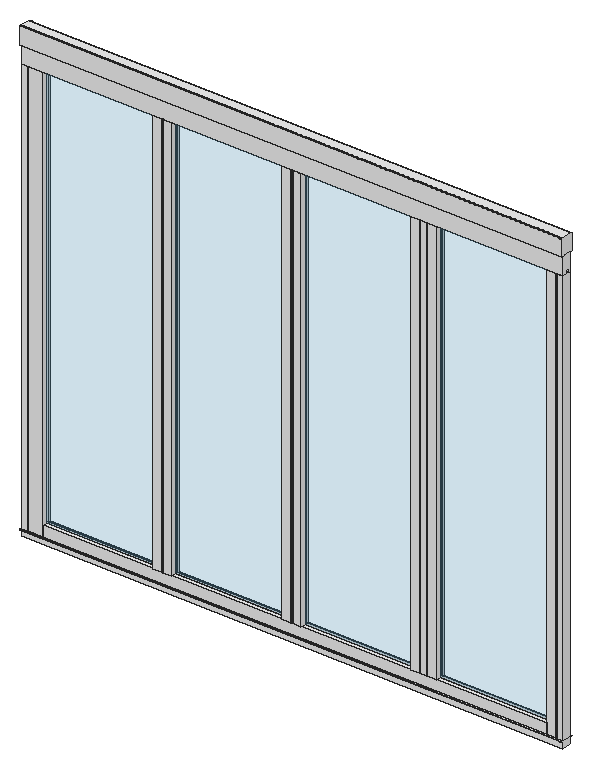
Revit family "Window-NanaWall-HSW-60", category Windows, host Wall, Revit 2013
Parameters (values of type "Standard")
  Y N Override Stack [instance] = no
  Y N Override Number of Panels [instance] = no
  Warranty URL = "http://www.nanawall.com/support/warranty"
  URL = "http://www.nanawall.com/"
  U Value = 0.26
  Thickness = 0' - 2 21/64"
  Subcategory = "Folding Window"  # constant formula
  Stack Thickness [instance] = 0' 2 21/64" * Panels  # 0' - 9 5/16"
  Split Stack Right [instance] = 4
  Split Stack [instance] = no
  Size Comment [instance] = if(or(Y N Override Stack, Y N Override Number of Panels), "CONTACT NANAWALL FOR SPECIAL SIZING", " ")  # " "
  Size Chart [instance] = "http://www.nanawall.com/products/hsw60/sizes"
  Single Right Stack [instance] = if(and(Y N Override Stack, Left Stack), 1 = 0, if(Right Standard = 1, 1 = 1, if(and(C Split Stack, Split Stack Right = 1), 1 = 1, 1 = 0)))  # no
  Single Panel [instance] = if(and(Closed, system length 1 < 11' 0 7/8"), 1 = 1, if(system length 1 > 11' 0 7/8", 1 = 0, 1 = 0))  # no
  Single Left Stack [instance] = if(and(not(Y N Override Stack), (Left Standard = 1)), 1 = 1, if(and(Y N Override Stack, Left Stack, (Panels = 1)), 1 = 1, (if(and(C Split Stack, Split Stack Right = Panels - 1), 1 = 1, 1 = 0))))  # no
  Sills Available = "Raised, Low Profile Saddle, Flush"  # constant formula
  Sill Width = system length 1 - (0' 4.31543" + 0' 5.56543")  # 11' - 2.11913"
  Sash = Metal - NanaWall - Aluminum
  Rough Width = system length 1 - (2 * (0' 1 141/256"))  # 11' - 8 115/128"
  Rough Height = Height - 0' 2 183/256"  # 9' - 9 73/256"
  Right Standard [instance] = roundup(Panels / 2)  # 2
  Right Stack Width [instance] = RS C * Thickness  # 0' - 4 21/32"
  Right Stack [instance] = yes
  RS C [instance] = if(RS = 1, 2, if(RS = 0, 2, if(C Split Stack, Split Stack Right, RS)))  # 2
  RS [instance] = if(Not Override Stack, Right Standard, if(C Right Stack, Panels, if(C Left Stack, 2, if(C Split Stack, Split Stack Right, 2))))  # 2
  Product Page URL = "http://www.nanawall.com/products/hsw60"
  Performance URL = "http://www.nanawall.com/products/hsw60/testingresult"
  Panels [instance] = if(Y N Override Number of Panels, Override Number of Panels, Panel Constraint)  # 4
  Panel Width [instance] = (system length 1 - (0' 4 127/128" + 0' 3 95/128" + 0' 5 149/256" + (Middle Jamb Panels))) / Panels  # 2' - 6.45215"
  Panel Height = Height - (0' 2 183/256" + 0' 6 161/256")  # 9' - 2 21/32"
  Panel Constraint [instance] = if(system length 1 < 12' 0", 3, if(system length 1 < 16' 0", 4, if(system length 1 < 20' 0", 5, if(system length 1 < 24' 0", 6, if(system length 1 < 28' 0", 7, if(system length 1 < 32' 0", 8, if(system length 1 < 34' 0", 10, if(system length 1 < 38' 0", 11, if(system length 1 < 42' 0", 12, if(system length 1 < 46' 0", 13, if(system length 1 < 50' 0", 14, if(system length 1 < 54' 0", 15, if(system length 1 < 58' 0", 16, if(system length 1 < 62' 0", 17, if(system length 1 < 66' 0", 18, if(system length 1 < 70' 0", 19, if(system length 1 < 70' 0", 20, 21)))))))))))))))))  # 4
  Override Number of Panels [instance] = 4
  Opening Width = system length 1 - (0' 3 95/128" + 0' 4 127/128")  # 11' - 3 17/64"
  Open Right Single [instance] = if(and(Open, Single Right Stack), 1 = 1, 1 = 0)  # no
  Open Right Multi [instance] = if(and(Open, Multiple Right Stack), 1 = 1, 1 = 0)  # no
  Open Panel Width [instance] = Panel Width + 0' 3 135/256"  # 2' - 9.97949"
  Open Left Single [instance] = if(and(Open, Single Left Stack), 1 = 1, 1 = 0)  # no
  Open Left Multi [instance] = if(and(Open, Multiple Left Stack), 1 = 1, 1 = 0)  # no
  Open [instance] = no
  Not Override Stack [instance] = not(Y N Override Stack)  # yes
  Multiple Right Stack [instance] = if(system length 1 < 3' 3 1/16", 1 = 0, if(and(Right Standard < 1.5, Not Override Stack), 1 = 0, if(and(Right Standard > 1, Not Override Stack), 1 = 1, (if(and(C Split Stack, Split Stack Right > 1), 1 = 1, if(C Right Stack, 1 = 1, 1 = 0))))))  # yes
  Multiple Panel [instance] = if(and(Open, system length 1 > 11' 0 7/8"), 1 = 0, if(and(Closed, system length 1 > 11' 0 7/8"), 1 = 1, if(system length 1 < 11' 0 7/8", 1 = 0, 1 = 1)))  # yes
  Multiple Left Stack [instance] = if(and(Left Standard > 1, Not Override Stack), 1 = 1, (if(and(C Split Stack, Split Stack Right < Panels - 1), 1 = 1, if(C Left Stack, 1 = 1, 1 = 0))))  # yes
  Max Panel Height = if(Panel Height > 12' 0", 12' 0", Panel Height)  # 9' - 2 21/32"
  Left Standard [instance] = rounddown(Panels / 2)  # 2
  Left Stack Width [instance] = LS C * Thickness  # 0' - 4 21/32"
  Left Stack [instance] = no
  LS C [instance] = if(LS = 1, 2, if(LS = 0, 2, if(C Split Stack, Panels - Split Stack Right, LS)))  # 2
  LS [instance] = if(Not Override Stack, Left Standard, if(C Left Stack, Panels, if(C Right Stack, 2, if(C Split Stack, Panels - Split Stack Right, 2))))  # 2
  Jamb Height = Height Constraint - 0' 9 17/64"  # 9' - 2 47/64"
  Height Constraint = if(Height < 3' 3", 3' 3", if(Height > 12' 0", 12' 0", Height))  # 10' - 0"
  Half Panel Width [instance] = Panel Width / 2  # 1' - 3.22607"
  Filler = Rubber - NanaWall - Black
  Closed [instance] = not(Open)  # yes
  Clearance On [instance] = yes
  C Split Stack [instance] = if(and(Y N Override Stack, Split Stack), 1 = 1, if(Right Stack, 1 = 0, if(Left Stack, 1 = 0, 1 = 0)))  # no
  C Right Stack [instance] = if(and(Y N Override Stack, Right Stack), 1 = 1, if(Left Stack, 1 = 0, if(Split Stack, 1 = 0, 1 = 1)))  # yes
  C Left Stack [instance] = if(and(Y N Override Stack, Left Stack), 1 = 1, if(Right Stack, 1 = 0, if(Split Stack, 1 = 0, 1 = 0)))  # no
  Actual Number Of panels [instance] = Panels - 2  # 2
  Middle Panel Height [instance] = Height Constraint - (0' 2 183/256" + 0' 6 161/256" + 0' 2 91/128")  # 8' - 11 121/128"
  Middle Jamb Panels [instance] = 0' 3 15/16" * Number Of Frames  # 0' - 7 7/8"
  NanaWall Configurator = "http://www.nanawall.com/products/hsw60/options"
  Model = "HSW-60"  # constant formula
  Manufacturer Toll Free Phone = "(888) 411-NANA(6262)"  # constant formula
  Manufacturer Phone = "(415) 383-3148"  # constant formula
  Manufacturer Fax = "(415) 383-0312"  # constant formula
  Manufacturer Email = "mailto:info@nanawall.com"
  Manufacturer Address = "100 Meadowcreek Drive #250, Corte Madera, CA 94925"  # constant formula
  Manufacturer = "NanaWall Systems, Inc."  # constant formula
  Installation and Service URL = "http://www.nanawall.com/support/installer"
  Height = 10' - 0"
  Wall Closure = By host
  system length 1 = 12' - 0"
  Glazing Options = "http://www.nanawall.com/products/hsw60/glazing"
  Glass Material = Glass - NanaWall - Generic
  Exterior Wall Offset = 0' - 3"
  Engineering Details URL = "http://www.nanawall.com/products/hsw60/cad-3d"
  Disclaimer = "Please note that the Revit model is for schematic purposes only.  To obtain a detailed 3D model, please go to the NanaWall's configurator at www.nanawall.com."  # constant formula
  Description = "Thermally Broken Aluminum Framed Sign Track Sliding System"  # constant formula
  Cost Info = "http://www.nanawall.com/products/hsw60/pricing"
  Assembly Code = "B2030110"
  Act Panels Constraints [instance] = if(Actual Number Of panels = 1, 2, if(Actual Number Of panels = 0, 2, Actual Number Of panels))  # 2
  95 CSI = "8411"  # constant formula
  04 CSI = "08 41 13"  # constant formula
  Number Of Frames [instance] = Panels - 2  # 2
Values of the unnamed type that differ from the named types
  Wall Closure = (empty or 0)
Reference planes (in)
  plane 1 "Center (Front/Back)": y = 0
  plane 2 "Center (Left/Right)": x = 0
  plane 3 "Left": x = -72
  plane 4 "Right": x = 72
  plane 5 "Top": z = 120
  plane 6: z = 117.28568
  plane 7 "Top Edge Of Sill": z = 0.46717
  plane 8: z = 60
  plane 9: x = 67.34375
  plane 10: x = 35.01383
  plane 11: y = 0.9375
  plane 12: y = 1.76864
  plane 13: x = 68.25714
  plane 14: x = 32.22266
  plane 15: y = -0.22688
  plane 16: x = 37.80499
  plane 17: x = -67.00668
  plane 18: x = -36.55453
  plane 19: x = 1.77051
  plane 20: x = -32.61878
  plane 21: z = 108.73488
  plane 22: z = 113.07333
  plane 23: z = 109.32669
  plane 24: z = 0.07786
  plane 25: z = 2.78746
  plane 26: z = 110.73411
  plane 27: x = -68.76925
  plane 28: x = -67.34375
  plane 29: z = 115.599
Lines and regions (in)
  Opening 1
    outline origin (-90, -3.9375, 0) x (1, 0, 0) y (0, 0, 1)
      loop
        line (18, 0) -> (162, 0) -> (162, 120) -> (18, 120) -> (18, 0)
  symbolic lines
    curve 1: line (-34.79052, 0, 110.73277) -> (-66.41889, 0, 55.40599)
    curve 2: line (-66.41889, 0, 55.40599) -> (-34.79052, 0, 2.78746)
    curve 6: line (-72, 2.59207, 0) -> (72, 2.59207, 0)
    curve 7: line (-72, -0.22688, 0) -> (72, -0.22688, 0)
    curve 8: line (-67.00668, 2.59207, 0) -> (-67.00668, -0.22688, 0)
    curve 9: line (67.34375, -0.21664, 0) -> (67.34375, 2.59207, 0)
  symbolic lines, visible <- "Clearance On"
    curve 3: line (-72, -34.20637, 0) -> (-72, -0.22688, 0)
    curve 4: line (72, -34.20637, 0) -> (-72, -34.20637, 0)
    curve 5: line (72, -0.22688, 0) -> (72, -34.20637, 0)
Text (in)
  text "Exterior" at (-76.63388, 64.7326, 0), in view "Ref. Level"
  text "Interior" at (-74.96733, -69.38291, 0), in view "Ref. Level"
  text "Exterior" at (0, 40.15149, 123.01588), in view "Right"
  text "Interior" at (0, -64.39139, 123.01588), in view "Right"
  text "Interior" at (0, -31.01599, 123.00693), in view "Left"
  text "Exterior" at (0, 54.57065, 123.00693), in view "Left"
Dimensions and locks (in)
  "Height Constraint": level to plane 5 "Top"
  "system length 1": plane 3 "Left" to plane 4 "Right"
  equal spacing: plane 3 "Left", plane 2 "Center (Left/Right)", plane 4 "Right"
  locked: level to plane 7 "Top Edge Of Sill" at 0.46717
  locked: plane 6 to plane 5 "Top" at 2.71432
  equal spacing: level, plane 8, plane 5 "Top"
  "Right Stack Width": plane 9 to plane 4 "Right"
  "Exterior Wall Offset": host wall to plane 11
  locked: plane 12 to plane 11 at 0.83114
  locked: plane 14 to plane 10 at 2.79117
  locked: plane 11 to plane 15 at 1.16437
  locked: plane 10 to plane 16 at 2.79117
  locked: plane 3 "Left" to plane 17 at 4.99332
  locked: plane 13 to plane 4 "Right" at 3.74286
  "Panel Width": plane 16 to plane 13
  "Panel Width": plane 17 to plane 18
  "Panel Width": plane 19 to plane 14
  group 2 to group 1 = 2' - 10.38929"
  group 1 to group 2 = 0' - 0"  (x2)
  locked: plane 18 to plane 20 at 3.93574
  locked: level to plane 24 at 0.07786
  locked: level to plane 25 at 2.78746
  group 4 to group 3 = 0' - 2 21/64"
  group 3 to group 4 = 0' - 0"  (x2)
  locked: plane 26 to plane 5 "Top" at 9.26589
  locked: plane 3 "Left" to plane 27 at 3.23075
  group 6 to group 5 = 0' - 2.3275"
  group 5 to group 6 = 0' - 0"  (x2)
  "Left Stack Width": plane 3 "Left" to plane 28
  group 7 to group 8 = 0' - 2 21/64"
  group 7 to group 8 = 0' - 0"  (x2)
  group 9 to group 10 = 0' - 2.3275"
  group 9 to group 10 = 0' - 0"
  group 10 to group 9 = 0' - 0"
  "Open Panel Width": plane 15 to curve 4
  curve 6 to plane 11 to curve 7 = 0' - 1.65457" locked, 0' - 1.16437"
  locked: plane 29 to plane 5 "Top" at 4.401
  plane 20 to plane 2 "Center (Left/Right)" = 2' - 8.61878"
  nested 3 to nested 10 = 0' - 9.26723"
  aligned and locked: plane 3 "Left" to Opening 1 sketch curve
  aligned and locked: plane 5 "Top" to Opening 1 sketch curve  (x2)
  aligned and locked: Opening 1 sketch curve to plane 4 "Right"
  aligned and locked: Opening 1 sketch curve to level
  aligned and locked: nested 1 to nested 3
  aligned and locked: plane 5 "Top" to nested 3
  aligned and locked: plane 3 "Left" to nested 4
  aligned and locked: nested 5 to plane 4 "Right"
  aligned and locked: nested 4 to plane 11
  aligned and locked: plane 4 "Right" to nested 2
  aligned and locked: plane 3 "Left" to nested 2
  aligned and locked: nested 1 to plane 11
  aligned and locked: nested 2 to level
  aligned and locked: nested 2 to plane 11
  aligned and locked: plane 12 to nested 6
  aligned and locked: plane 13 to nested 6
  aligned and locked: plane 10 to nested 7
  aligned and locked: nested 7 to plane 11
  aligned and locked: plane 15 to nested 5
  aligned and locked: nested 8 to plane 19
  aligned and locked: nested 8 to plane 11
  aligned and locked: plane 18 to nested 9
  aligned and locked: nested 9 to plane 11
  aligned and locked: nested 10 to plane 17
  aligned and locked: plane 12 to nested 10
  aligned and locked: nested 11 to plane 24
  aligned and locked: nested 11 to plane 11
  aligned and locked: nested 11 to nested 1
  aligned and locked: nested 1 to plane 4 "Right"
  aligned and locked: nested 4 to plane 24
  aligned and locked: plane 24 to nested 1
  aligned and locked: nested 7 to plane 25
  aligned and locked: nested 8 to plane 25
  aligned and locked: nested 9 to plane 25
  aligned and locked: nested 10 to plane 25
  aligned and locked: nested 6 to plane 25
  aligned and locked: nested 12 to nested 5
  aligned and locked: nested 9 to curve 1
  aligned and locked: nested 4 to curve 1
  aligned and locked: curve 2 to nested 9
  aligned and locked: plane 15 to nested 15
  aligned and locked: nested 15 to plane 4 "Right"
  aligned and locked: nested 13 to plane 15
  aligned and locked: nested 13 to plane 4 "Right"
  aligned and locked: nested 18 to plane 15
  aligned and locked: plane 9 to nested 18
  aligned and locked: nested 17 to plane 15
  aligned and locked: nested 17 to plane 4 "Right"
  aligned and locked: plane 15 to nested 14
  aligned and locked: plane 3 "Left" to nested 14
  aligned and locked: nested 19 to plane 28
  aligned and locked: plane 15 to nested 19
  aligned and locked: nested 20 to plane 15
  aligned and locked: nested 20 to plane 3 "Left"
  aligned and locked: nested 21 to plane 28
  aligned and locked: nested 21 to plane 15
  aligned and locked: nested 16 to plane 15
  aligned and locked: nested 16 to plane 3 "Left"
  aligned and locked: curve 3 to plane 3 "Left"
  aligned and locked: plane 4 "Right" to curve 5
  aligned and locked: plane 3 "Left" to curve 7
  aligned and locked: plane 3 "Left" to curve 6
  aligned and locked: plane 4 "Right" to curve 6
  aligned and locked: plane 15 to nested 12
  aligned and locked: plane 3 "Left" to nested 22
  aligned and locked: plane 15 to nested 22
  aligned and locked: plane 18 to nested 23
  aligned and locked: nested 23 to plane 11
  aligned and locked: plane 26 to nested 21
  aligned and locked: plane 26 to nested 20
  aligned and locked: plane 26 to nested 16
  aligned and locked: plane 26 to nested 17
  aligned and locked: plane 26 to nested 13
  aligned and locked: plane 26 to nested 18
Automatic sketch dimensions
  curve 2 to plane 25 = 0' - 0"
  curve 2 to plane 8 = 0' - 4.59401"
  curve 1 to plane 26 = 0' - 0.00134"
  curve 8 to plane 17 = 0' - 0"
  curve 9 to plane 9 = 0' - 0"
  plane 15 to curve 9 = 0' - 0.01023"
Nested families (in)
  nested 1: "Right-Jamb_HSW-60" at (79.30207, 0.9375, 0.07786), Closed <- "Closed", type "Right-Jamb_HSW-60"
  nested 2: "Sill_HSW60" at (7.30207, 0.9375, 0), type ""
  nested 3: "Header_HSW60" at (7.30207, 0.9375, 0), type ""
  nested 4: "Left-Jamb_HSW60" at (-64.69793, 0.9375, 0.07786), type ""
  nested 5: "DetailItem_Panel" at (70.79066, -15.55645, 0), visible <- "Multiple Right Stack", type "DetailItem_Panel"
  nested 6: "Sash_Open-Door_HSW-60_NanaWall" at (53.01872, 8.99935, 2.78746), visible <- "Closed", type "Sash_Open-Door_HSW-60_NanaWall"
  nested 7: "Middle-Jamb_11.6" at (42.3159, 0.9375, 2.78746), Closed <- "Closed", visible <- "Closed", type "Middle-Jamb_11.6"
  nested 8: "Middle-Jamb_11" at (7.10471, 0.9375, 2.78746), visible <- "Multiple Panel", type "Middle-Jamb_11"
  nested 9: "Middle-Jamb_11" at (-27.28459, 0.9375, 2.78746), visible <- "Multiple Panel", type "Middle-Jamb_11"
  nested 10: "Sash_Open-Door_HSW-60_NanaWall" at (-51.79295, 8.99935, 2.78746), visible <- "Closed", type "Sash_Open-Door_HSW-60_NanaWall"
  nested 11: "Sill_1" at (7.91138, 0.9375, 0), type ""
  nested 12: "DetailItem_Panel" at (68.46254, -15.55645, 0), visible <- "Multiple Right Stack", type "DetailItem_Panel"
  nested 13: "Panel" at (70.83563, -7.52894, 1.0388) x (0, -1, 0) z (0, 0, 1), visible <- "Open Right Multi", type "Panel"
  nested 14: "DetailItem_Panel" at (-70.88121, -15.55645, 0), visible <- "Multiple Left Stack", type "DetailItem_Panel"
  nested 15: "DetailItem_Panel" at (70.79066, -15.55645, 0), visible <- "Single Right Stack", type "DetailItem_Panel"
  nested 16: "Panel" at (-70.83562, -7.52894, 1.0388) x (0, -1, 0) z (0, 0, 1), visible <- "Open Left Single", type "Panel"
  nested 17: "Panel" at (70.83563, -7.52894, 1.0388) x (0, -1, 0) z (0, 0, 1), visible <- "Open Right Single", type "Panel"
  nested 18: "Panel" at (68.50813, -7.52894, 1.0388) x (0, -1, 0) z (0, 0, 1), visible <- "Open Right Multi", type "Panel"
  nested 19: "DetailItem_Panel" at (-68.55309, -15.55645, 0), visible <- "Multiple Left Stack", type "DetailItem_Panel"
  nested 20: "Panel" at (-70.83562, -7.52894, 1.0388) x (0, -1, 0) z (0, 0, 1), visible <- "Open Left Multi", type "Panel"
  nested 21: "Panel" at (-68.50812, -7.52894, 1.0388) x (0, -1, 0) z (0, 0, 1), visible <- "Open Left Multi", type "Panel"
  nested 22: "DetailItem_Panel" at (-70.88121, -15.55645, 0), visible <- "Single Left Stack", type "DetailItem_Panel"
  nested 23: "Middle-Jamb_11" at (-27.28459, 0.9375, 2.78746), visible <- "Single Panel", type "Middle-Jamb_11"
Definition of nested family "Right-Jamb_HSW-60"
  Parameters (values of type "Right-Jamb_HSW-60")
    built-in parameter 1001301 = 1' - 0"
    Sash = Metal - NanaWall - Aluminum
    Rubber = Rubber - NanaWall - Black
    Right Jamb = Metal - NanaWall - Aluminum
    Closed [instance] = yes
    Height = 9' - 7 153/256"
    Half = yes
    Assembly Code = ""
  Reference planes (in)
    plane 1 "Center (Front/Back)": y = 0
    plane 2: z = 0
    plane 3 "Center (Left/Right)": x = -7.30207
    plane 4 "Top": z = 115.59766
    plane 5: x = -9.46126
  Forms (in)
    Sweep 1, solid, material "Metal - NanaWall - Aluminum" <- "Right Jamb"
      path origin (-7.30207, 0, 0) x (0, 1, 0) y (0, 0, -1)
        loop
          line (0, -115.59766) -> (0, 0)
      profile origin (-7.30207, 0, 57.79883) x (-1, 0, 0) y (0, -1, 0)
        loop
          line (0, -1.16437) -> (1.57112, -1.16437) -> (1.57112, -0.76278) -> (2.15919, -0.76278) -> (2.15919, 0.76278) -> (1.57112, 0.76278) -> (1.57112, 1.16438) -> (0, 1.16438) -> (0, -1.16437)
    Sweep 2, solid, material "Rubber - NanaWall - Black" <- "Rubber"
      path origin (-7.30207, 0, 0) x (0, 1, 0) y (0, 0, -1)
        loop
          line (0, -115.59766) -> (0, 0)
      profile origin (-7.30207, 0, 57.79883) x (-1, 0, 0) y (0, -1, 0)
        loop
          line (1.97885, -1.16437) -> (1.97885, -0.76278) -> (1.57112, -0.76278) -> (1.57112, -1.16437) -> (1.97885, -1.16437)
        loop
          line (1.97885, 1.16438) -> (1.57112, 1.16438) -> (1.57112, 0.76278) -> (1.97885, 0.76278) -> (1.97885, 1.16438)
    Sweep 3, solid, material "Metal - NanaWall - Aluminum" <- "Sash", visible <- "Closed"
      path origin (-9.46126, 0, 0) x (0, 1, 0) y (0, 0, -1)
        loop
          line (0, -115.59766) -> (0, 0)
      profile origin (-9.46126, 0, 57.79883) x (-1, 0, 0) y (0, -1, 0)
        loop
          line (0, -0.76278) -> (-0.18034, -0.76278) -> (-0.18034, -1.16437) -> (2.17193, -1.16437) -> (2.17193, -0.83114) -> (1.58367, -0.83114) -> (1.58367, 0.10977) -> (2.17193, 0.10977) -> (2.17193, 1.16438) -> (-0.18034, 1.16438) -> (-0.18034, 0.76278) -> (0, 0.76278) -> (0, -0.76278)
  Lines and regions (in)
    Masking region 1, detail levels medium
      outline origin (0, 0, 0) x (1, 0, 0) y (0, 1, 0)
        loop
          line (-7.30207, 1.16437) -> (-8.87319, 1.16437) -> (-8.87319, 0.76278) -> (-9.46126, 0.76278) -> (-9.46126, -0.76278) -> (-8.87319, -0.76278) -> (-8.87319, -1.16438) -> (-7.30207, -1.16438) -> (-7.30207, 1.16437)
    Masking region 2, detail levels medium
      outline origin (-2.15919, 0, 0) x (1, 0, 0) y (0, 1, 0)
        loop
          line (-6.714, 1.16437) -> (-7.12173, 1.16437) -> (-7.12173, 0.76278) -> (-6.714, 0.76278) -> (-6.714, 1.16437)
        loop
          line (-6.714, -0.76278) -> (-7.12173, -0.76278) -> (-7.12173, -1.16438) -> (-6.714, -1.16438) -> (-6.714, -0.76278)
    Masking region 3, detail levels medium
      outline origin (-2.15919, 0, 0) x (1, 0, 0) y (0, 1, 0)
        loop
          line (-7.12173, 1.16437) -> (-9.474, 1.16437) -> (-9.474, 0.83114) -> (-8.88574, 0.83114) -> (-8.88574, -0.10977) -> (-9.474, -0.10977) -> (-9.474, -1.16438) -> (-7.12173, -1.16438) -> (-7.12173, -0.76278) -> (-7.30207, -0.76278) -> (-7.30207, 0.76278) -> (-7.12173, 0.76278) -> (-7.12173, 1.16437)
    Masking region 4, detail levels coarse+fine
      outline origin (0, 0, 0) x (1, 0, 0) y (0, 1, 0)
        loop
          line (-7.30207, 1.16437) -> (-11.63319, 1.16437) -> (-11.63319, 0.83114) -> (-11.04493, 0.83114) -> (-11.04493, -0.10977) -> (-11.63319, -0.10977) -> (-11.63319, -1.16438) -> (-7.30207, -1.16438) -> (-7.30207, 1.16437)
  Dimensions and locks (in)
    "Height": plane 4 "Top" to level
    plane 4 "Top" to level = 9' - 7 153/256"
    aligned and locked: plane 1 "Center (Front/Back)" to nested 1
    aligned and locked: plane 3 "Center (Left/Right)" to nested 1
    aligned and locked: plane 3 "Center (Left/Right)" to Sweep 1 sketch curve
    aligned and locked: Masking region 1 sketch curve to plane 3 "Center (Left/Right)"
    aligned and locked: Masking region 4 sketch curve to Sweep 1  (x3)
    aligned and locked: Masking region 4 sketch curve to Sweep 3  (x5)
  Automatic sketch dimensions
    Sweep 1 sketch curve to level = 0' - 0"
    Sweep 1 sketch curve to plane 1 "Center (Front/Back)" = 0' - 0"
    Sweep 1 sketch curve to plane 4 "Top" = 0' - 0"
    Sweep 1 sketch curve to profile plane = 0' - 0.76278"
    profile plane to Sweep 1 sketch curve = 0' - 1.57112"  (x2)
    Sweep 1 sketch curve to Sweep 1 sketch curve = 0' - 0.58807"
    profile plane to Sweep 1 sketch curve = 0' - 0.76278"
    profile plane to Sweep 1 sketch curve = 0' - 1.16437"
    Sweep 1 sketch curve to Sweep 1 sketch curve = 0' - 0.4016"
    Masking region 1 sketch curve to plane 5 = 0' - 0"
    Masking region 1 sketch curve to plane 5 = 0' - 0.58807"
    Masking region 1 sketch curve to Masking region 1 sketch curve = 0' - 0.58807"
    plane 1 "Center (Front/Back)" to Masking region 1 sketch curve = 0' - 1.16438"
    Masking region 1 sketch curve to Masking region 1 sketch curve = 0' - 0.4016"
    Masking region 1 sketch curve to plane 1 "Center (Front/Back)" = 0' - 0.76278"
    Masking region 1 sketch curve to plane 1 "Center (Front/Back)" = 0' - 1.16438"
    Sweep 2 sketch curve to level = 0' - 0"
    Sweep 2 sketch curve to plane 1 "Center (Front/Back)" = 0' - 0"
    Sweep 2 sketch curve to plane 4 "Top" = 0' - 0"
    profile plane to Sweep 2 sketch curve = 0' - 0.76278"
    profile plane to Sweep 2 sketch curve = 0' - 1.57112"
    Sweep 2 sketch curve to Sweep 2 sketch curve = 0' - 0"
    Sweep 2 sketch curve to Sweep 2 sketch curve = 0' - 0.40773"  (x2)
    Sweep 2 sketch curve to Sweep 2 sketch curve = 0' - 0.4016"  (x2)
    Sweep 2 sketch curve to profile plane = 0' - 0.76278"
    Masking region 2 sketch curve to plane 5 = 0' - 0.18034"  (x2)
    Masking region 2 sketch curve to Masking region 2 sketch curve = 0' - 0.40773"  (x2)
    plane 1 "Center (Front/Back)" to Masking region 2 sketch curve = 0' - 1.16438"
    Masking region 2 sketch curve to Masking region 2 sketch curve = 0' - 0.4016"  (x2)
    Masking region 2 sketch curve to plane 1 "Center (Front/Back)" = 0' - 0.76278"
    Sweep 3 sketch curve to level = 0' - 0"
    Sweep 3 sketch curve to plane 1 "Center (Front/Back)" = 0' - 0"
    Sweep 3 sketch curve to plane 4 "Top" = 0' - 0"
    Sweep 3 sketch curve to profile plane = 0' - 0"
    Sweep 3 sketch curve to Sweep 3 sketch curve = 0' - 0.18034"  (x2)
    Sweep 3 sketch curve to profile plane = 0' - 0.10977"
    profile plane to Sweep 3 sketch curve = 0' - 1.58367"
    Sweep 3 sketch curve to Sweep 3 sketch curve = 0' - 0.58826"  (x2)
    profile plane to Sweep 3 sketch curve = 0' - 0.76278"
    profile plane to Sweep 3 sketch curve = 0' - 0.83114"
    Sweep 3 sketch curve to Sweep 3 sketch curve = 0' - 0.4016"  (x2)
    Sweep 3 sketch curve to profile plane = 0' - 0.76278"
    Masking region 3 sketch curve to plane 5 = 0' - 0"
    plane 5 to Masking region 3 sketch curve = 0' - 2.17193"
    Masking region 3 sketch curve to Masking region 3 sketch curve = 0' - 0.18034"  (x2)
    plane 1 "Center (Front/Back)" to Masking region 3 sketch curve = 0' - 1.16438"
    Masking region 3 sketch curve to Masking region 3 sketch curve = 0' - 0.4016"  (x2)
    Masking region 3 sketch curve to plane 1 "Center (Front/Back)" = 0' - 0.76278"
    Masking region 3 sketch curve to Masking region 3 sketch curve = 0' - 0.58826"  (x2)
    plane 1 "Center (Front/Back)" to Masking region 3 sketch curve = 0' - 0.10977"
    Masking region 3 sketch curve to Masking region 3 sketch curve = 0' - 0.33324"
  Nested families (in)
    nested 1: "Profile_RightJamb_HSW60" at (-7.30207, 0, 0), type "Profile_RightJamb_HSW60"
  Definition of nested family "Profile_RightJamb_HSW60"
    Parameters (values of type "Profile_RightJamb_HSW60")
      SmartBIM Object Version = 1  # constant formula
      SmartBIM Object Created By = "Reed Construction Data"  # constant formula
      Half Piece = yes
      Closed [instance] = yes
      Assembly Code = ""
      95 CSI = ""
      04 CSI = ""
    Reference planes (in)
      plane 1 "Center (Front/Back)": y = 0
      plane 2: z = 0
      plane 3 "Center (Left/Right)": x = 0
    Lines and regions (in)
      model lines, in view "Ref. Level", visible <- "Closed"
        curve 1: arc (-3.4326, -1.78845, 0) -> (-3.42905, -1.79486, 0) -> (-3.42239, -1.79793, 0) r 0.01176
        curve 9: arc (-1.43379, -1.39181, 0) -> (-1.36632, -1.39765, 0) -> (-1.29862, -1.3996, 0) r 1.17614
        curve 10: arc (-2.33561, -1.2539, 0) -> (-2.31574, -1.30606, 0) -> (-2.26621, -1.33179, 0) r 0.07841
        curve 11: arc (-3.47254, -1.43881, 0) -> (-3.45912, -1.61438, 0) -> (-3.4326, -1.78845, 0) r 2.35227
        curve 22: arc (-3.4282, -1.80121, 0) -> (-3.37862, -1.87588, 0) -> (-3.29624, -1.9112, 0) r 0.15682
        curve 23: line (-3.29624, -1.9112, 0) -> (-1.4888, -2.08401, 0)
        curve 27: line (-1.43379, -1.39181, 0) -> (-2.26621, -1.33179, 0)
        curve 28: line (-2.33561, -1.2539, 0) -> (-2.33561, -1.16437, 0)
        curve 29: line (-2.33561, -1.16437, 0) -> (-3.47254, -1.16437, 0)
        curve 30: line (-3.47254, -1.16437, 0) -> (-3.47254, -1.43881, 0)
        curve 31: line (-2.90408, -1.79311, 0) -> (-2.90408, -0.96835, 0)
        curve 38: line (-3.4282, -1.80121, 0) -> (-3.34252, -1.81113, 0)
        curve 39: line (-3.34252, -1.81113, 0) -> (-3.29588, -1.65466, 0)
        curve 40: line (-3.2959, -1.65471, 0) -> (-1.48181, -1.82873, 0)
        curve 41: line (-1.48181, -1.82873, 0) -> (-3.29823, -1.65443, 0)
        curve 42: line (-3.29823, -1.65443, 0) -> (-3.34372, -1.80703, 0)
        curve 43: line (-3.34372, -1.80703, 0) -> (-3.42239, -1.79793, 0)
        curve 44: line (-3.34252, -1.81113, 0) -> (-1.48451, -1.98992, 0)
        curve 48: line (-3.37061, -1.16438, 0) -> (-2.27288, -1.16438, 0)
        curve 49: arc (-2.48851, 0.26311, 0) -> (-2.49113, 0.27292, 0) -> (-2.49831, 0.28009, 0) r 0.0196
        curve 50: arc (-2.56202, 0.46261, 0) -> (-2.56431, 0.46816, 0) -> (-2.56986, 0.47045, 0) r 0.00784
        curve 51: arc (-2.7208, 0.47045, 0) -> (-2.72634, 0.46816, 0) -> (-2.72864, 0.46261, 0) r 0.00784
        curve 52: arc (-2.68453, 0.32593, 0) -> (-2.67928, 0.30632, 0) -> (-2.66493, 0.29197, 0) r 0.0392
        curve 53: arc (-2.66493, -0.29197, 0) -> (-2.67928, -0.30632, 0) -> (-2.68453, -0.32593, 0) r 0.0392
        curve 54: arc (-2.72864, -0.46261, 0) -> (-2.72634, -0.46816, 0) -> (-2.7208, -0.47045, 0) r 0.00784
        curve 55: arc (-2.56986, -0.47045, 0) -> (-2.56431, -0.46816, 0) -> (-2.56202, -0.46261, 0) r 0.00784
        curve 56: arc (-2.49831, -0.28009, 0) -> (-2.49113, -0.27292, 0) -> (-2.48851, -0.26311, 0) r 0.0196
        curve 57: arc (-2.59632, -0.33838, 0) -> (-2.6035, -0.34555, 0) -> (-2.60612, -0.35535, 0) r 0.0196
        curve 58: arc (-2.60612, 0.35535, 0) -> (-2.6035, 0.34555, 0) -> (-2.59632, 0.33838, 0) r 0.0196
        curve 59: arc (-2.56006, 0.20879, 0) -> (-2.56531, 0.22839, 0) -> (-2.57966, 0.24274, 0) r 0.0392
        curve 60: arc (-2.57966, -0.24274, 0) -> (-2.56531, -0.22839, 0) -> (-2.56006, -0.20879, 0) r 0.0392
        curve 61: arc (-2.08862, -1.08009, 0) -> (-2.10248, -1.08583, 0) -> (-2.10822, -1.09969, 0) r 0.0196
        curve 62: arc (-1.97885, -1.08597, 0) -> (-1.98459, -1.07211, 0) -> (-1.99845, -1.06636, 0) r 0.0196
        curve 63: arc (-2.10822, -0.85662, 0) -> (-2.10248, -0.87048, 0) -> (-2.08862, -0.87622, 0) r 0.0196
        curve 65: arc (-3.52743, -1.09773, 0) -> (-3.54129, -1.10347, 0) -> (-3.54703, -1.11733, 0) r 0.0196
        curve 66: arc (-2.48851, -0.34934, 0) -> (-2.49618, -0.33378, 0) -> (-2.51318, -0.3304, 0) r 0.0196
        curve 67: arc (-2.48851, -0.65651, 0) -> (-2.45459, -0.73841, 0) -> (-2.37269, -0.77233, 0) r 0.11582
        curve 68: arc (-1.97885, -0.83114, 0) -> (-1.98764, -0.8064, 0) -> (-2.01007, -0.79275, 0) r 0.0392
        curve 69: arc (-3.4255, -1.09773, 0) -> (-3.32506, -1.07004, 0) -> (-3.253, -0.99481, 0) r 0.19602
        curve 70: arc (-3.253, -0.93307, 0) -> (-3.26448, -0.90535, 0) -> (-3.2922, -0.89386, 0) r 0.0392
        curve 71: arc (-3.36599, -0.94348, 0) -> (-3.3478, -0.94142, 0) -> (-3.33925, -0.92523, 0) r 0.0196
        curve 72: arc (-3.54703, -0.82722, 0) -> (-3.53542, -0.8648, 0) -> (-3.50464, -0.88929, 0) r 0.06665
        curve 73: arc (-3.52236, -0.3304, 0) -> (-3.53936, -0.33378, 0) -> (-3.54703, -0.34934, 0) r 0.0196
        curve 74: arc (-3.25251, -0.37244, 0) -> (-3.26686, -0.35809, 0) -> (-3.28646, -0.35284, 0) r 0.0392
        curve 75: arc (-2.74908, -0.35284, 0) -> (-2.76868, -0.35809, 0) -> (-2.78303, -0.37244, 0) r 0.0392
        curve 76: arc (-2.55695, -0.65651, 0) -> (-2.51175, -0.77739, 0) -> (-2.39834, -0.83898, 0) r 0.18426
        curve 77: arc (-3.18635, -0.93307, 0) -> (-3.21735, -0.85822, 0) -> (-3.2922, -0.82722, 0) r 0.10585
        curve 78: arc (-2.39834, 0.83692, 0) -> (-2.51055, 0.77491, 0) -> (-2.55516, 0.65472, 0) r 0.18426
        curve 79: arc (-2.78303, 0.37244, 0) -> (-2.76868, 0.35809, 0) -> (-2.74908, 0.35284, 0) r 0.0392
        curve 80: arc (-2.51318, 0.3304, 0) -> (-2.49618, 0.33378, 0) -> (-2.48851, 0.34934, 0) r 0.0196
        curve 81: arc (-2.37089, 0.77233, 0) -> (-2.45406, 0.73788, 0) -> (-2.48851, 0.65472, 0) r 0.11761
        curve 82: arc (-2.01007, 0.79275, 0) -> (-1.98764, 0.8064, 0) -> (-1.97885, 0.83114, 0) r 0.0392
        curve 83: arc (-3.54703, 0.34934, 0) -> (-3.53936, 0.33378, 0) -> (-3.52236, 0.3304, 0) r 0.0196
        curve 84: arc (-3.28646, 0.35284, 0) -> (-3.26686, 0.35809, 0) -> (-3.25251, 0.37244, 0) r 0.0392
        curve 85: arc (-1.97885, 0.87034, 0) -> (-1.98459, 0.8842, 0) -> (-1.99845, 0.88994, 0) r 0.0196
        curve 87: arc (-2.10822, 1.09969, 0) -> (-2.10248, 1.08583, 0) -> (-2.08862, 1.08009, 0) r 0.0196
        curve 88: arc (-2.08862, 0.87622, 0) -> (-2.10248, 0.87048, 0) -> (-2.10822, 0.85662, 0) r 0.0196
        curve 89: arc (-3.93908, 0.99972, 0) -> (-3.93563, 0.9914, 0) -> (-3.92732, 0.98795, 0) r 0.01176
        curve 90: arc (-4.22919, 0.98795, 0) -> (-4.22087, 0.9914, 0) -> (-4.21743, 0.99972, 0) r 0.01176
        curve 91: arc (-3.53809, 0.86841, 0) -> (-3.54476, 0.85232, 0) -> (-3.54703, 0.83506, 0) r 0.06665
        curve 92: arc (-3.88419, 0.98795, 0) -> (-3.85647, 0.99944, 0) -> (-3.84499, 1.02716, 0) r 0.0392
        curve 93: arc (-3.42942, -0.35535, 0) -> (-3.43204, -0.34555, 0) -> (-3.43922, -0.33838, 0) r 0.0196
        curve 94: arc (-3.43922, 0.33838, 0) -> (-3.43204, 0.34555, 0) -> (-3.42942, 0.35535, 0) r 0.0196
        curve 95: arc (-3.45588, 0.24274, 0) -> (-3.47023, 0.22839, 0) -> (-3.47548, 0.20879, 0) r 0.0392
        curve 96: arc (-3.47548, -0.20879, 0) -> (-3.47023, -0.22839, 0) -> (-3.45588, -0.24274, 0) r 0.0392
        curve 97: arc (-3.46568, 0.47045, 0) -> (-3.47123, 0.46816, 0) -> (-3.47352, 0.46261, 0) r 0.00784
        curve 98: arc (-3.3069, 0.46261, 0) -> (-3.3092, 0.46816, 0) -> (-3.31474, 0.47045, 0) r 0.00784
        curve 99: arc (-3.37061, 0.29197, 0) -> (-3.35626, 0.30632, 0) -> (-3.35101, 0.32593, 0) r 0.0392
        curve 100: arc (-3.35101, -0.32593, 0) -> (-3.35626, -0.30632, 0) -> (-3.37061, -0.29197, 0) r 0.0392
        curve 101: arc (-3.31474, -0.47045, 0) -> (-3.3092, -0.46816, 0) -> (-3.3069, -0.46261, 0) r 0.00784
        curve 102: arc (-3.47352, -0.46261, 0) -> (-3.47123, -0.46816, 0) -> (-3.46568, -0.47045, 0) r 0.00784
        curve 103: arc (-3.53723, 0.28009, 0) -> (-3.54441, 0.27292, 0) -> (-3.54703, 0.26311, 0) r 0.0196
        curve 104: arc (-3.54703, -0.26311, 0) -> (-3.54441, -0.27292, 0) -> (-3.53723, -0.28009, 0) r 0.0196
        curve 157: arc (-2.48851, 0.26311, 0) -> (-2.49113, 0.27292, 0) -> (-2.49831, 0.28009, 0) r 0.0196
        curve 158: arc (-2.56202, 0.46261, 0) -> (-2.56431, 0.46816, 0) -> (-2.56986, 0.47045, 0) r 0.00784
        curve 159: arc (-2.7208, 0.47045, 0) -> (-2.72634, 0.46816, 0) -> (-2.72864, 0.46261, 0) r 0.00784
        curve 160: arc (-2.68453, 0.32593, 0) -> (-2.67928, 0.30632, 0) -> (-2.66493, 0.29197, 0) r 0.0392
        curve 161: arc (-2.66493, -0.29197, 0) -> (-2.67928, -0.30632, 0) -> (-2.68453, -0.32593, 0) r 0.0392
        curve 162: arc (-2.72864, -0.46261, 0) -> (-2.72634, -0.46816, 0) -> (-2.7208, -0.47045, 0) r 0.00784
        curve 163: arc (-2.56986, -0.47045, 0) -> (-2.56431, -0.46816, 0) -> (-2.56202, -0.46261, 0) r 0.00784
        curve 164: arc (-2.49831, -0.28009, 0) -> (-2.49113, -0.27292, 0) -> (-2.48851, -0.26311, 0) r 0.0196
        curve 165: arc (-2.59632, -0.33838, 0) -> (-2.6035, -0.34555, 0) -> (-2.60612, -0.35535, 0) r 0.0196
        curve 166: arc (-2.60612, 0.35535, 0) -> (-2.6035, 0.34555, 0) -> (-2.59632, 0.33838, 0) r 0.0196
        curve 167: arc (-2.56006, 0.20879, 0) -> (-2.56531, 0.22839, 0) -> (-2.57966, 0.24274, 0) r 0.0392
        curve 168: arc (-2.57966, -0.24274, 0) -> (-2.56531, -0.22839, 0) -> (-2.56006, -0.20879, 0) r 0.0392
        curve 169: arc (-3.42942, -0.35535, 0) -> (-3.43204, -0.34555, 0) -> (-3.43922, -0.33838, 0) r 0.0196
        curve 170: arc (-3.43922, 0.33838, 0) -> (-3.43204, 0.34555, 0) -> (-3.42942, 0.35535, 0) r 0.0196
        curve 171: arc (-3.45588, 0.24274, 0) -> (-3.47023, 0.22839, 0) -> (-3.47548, 0.20879, 0) r 0.0392
        curve 172: arc (-3.47548, -0.20879, 0) -> (-3.47023, -0.22839, 0) -> (-3.45588, -0.24274, 0) r 0.0392
        curve 173: arc (-3.46568, 0.47045, 0) -> (-3.47123, 0.46816, 0) -> (-3.47352, 0.46261, 0) r 0.00784
        curve 174: arc (-3.3069, 0.46261, 0) -> (-3.3092, 0.46816, 0) -> (-3.31474, 0.47045, 0) r 0.00784
        curve 175: arc (-3.37061, 0.29197, 0) -> (-3.35626, 0.30632, 0) -> (-3.35101, 0.32593, 0) r 0.0392
        curve 176: arc (-3.35101, -0.32593, 0) -> (-3.35626, -0.30632, 0) -> (-3.37061, -0.29197, 0) r 0.0392
        curve 177: arc (-3.31474, -0.47045, 0) -> (-3.3092, -0.46816, 0) -> (-3.3069, -0.46261, 0) r 0.00784
        curve 178: arc (-3.47352, -0.46261, 0) -> (-3.47123, -0.46816, 0) -> (-3.46568, -0.47045, 0) r 0.00784
        curve 179: arc (-3.53723, 0.28009, 0) -> (-3.54441, 0.27292, 0) -> (-3.54703, 0.26311, 0) r 0.0196
        curve 180: arc (-3.54703, -0.26311, 0) -> (-3.54441, -0.27292, 0) -> (-3.53723, -0.28009, 0) r 0.0196
        curve 181: arc (-4.18198, 0.85774, 0) -> (-4.17373, 0.8935, 0) -> (-4.17215, 0.93015, 0) r 0.20016
        curve 182: arc (-4.32937, 0.9814, 0) -> (-4.36214, 0.93338, 0) -> (-4.38157, 0.87858, 0) r 0.22582
        curve 183: arc (-4.15257, 0.95071, 0) -> (-4.16676, 0.94463, 0) -> (-4.17215, 0.93015, 0) r 0.0196
        curve 184: arc (-4.166, 1.06908, 0) -> (-4.13798, 1.0445, 0) -> (-4.10178, 1.03564, 0) r 0.07841
        curve 185: arc (-3.93908, 0.95071, 0) -> (-3.91711, 0.95871, 0) -> (-3.90771, 0.98011, 0) r 0.02974
        curve 186: arc (-4.06257, 1.03564, 0) -> (-4.02637, 1.0445, 0) -> (-3.99834, 1.06908, 0) r 0.07841
        curve 187: arc (-3.96176, 1.08121, 0) -> (-3.97733, 1.08688, 0) -> (-3.99168, 1.07859, 0) r 0.0196
        curve 188: arc (-4.17267, 1.07859, 0) -> (-4.18701, 1.08688, 0) -> (-4.20258, 1.08121, 0) r 0.0196
        curve 189: arc (-4.31473, 0.98795, 0) -> (-4.32275, 0.98624, 0) -> (-4.32937, 0.9814, 0) r 0.0196
        curve 190: arc (-4.38157, 0.87858, 0) -> (-4.37374, 0.8457, 0) -> (-4.34324, 0.83114, 0) r 0.0392
        curve 191: arc (-4.2191, 0.83114, 0) -> (-4.19626, 0.83847, 0) -> (-4.18198, 0.85774, 0) r 0.0392
        curve 192: arc (-4.21101, -0.12525, 0) -> (-4.2392, -0.11057, 0) -> (-4.25628, -0.13738, 0) r 0.02352
        curve 193: arc (-4.38325, -0.12599, 0) -> (-4.40931, -0.11007, 0) -> (-4.42913, -0.1333, 0) r 0.02352
        curve 194: arc (-3.97044, -0.40008, 0) -> (-3.99648, -0.37268, 0) -> (-4.02518, -0.39728, 0) r 0.02744
        curve 195: arc (-4.03352, -0.12921, 0) -> (-4.05874, -0.10986, 0) -> (-4.08021, -0.1333, 0) r 0.02352
        curve 196: arc (-3.58049, -0.587, 0) -> (-3.55913, -0.59125, 0) -> (-3.54703, -0.57314, 0) r 0.0196
        curve 197: arc (-3.74801, -0.41949, 0) -> (-3.75691, -0.37473, 0) -> (-3.79486, -0.40008, 0) r 0.02744
        curve 198: arc (-3.54703, -0.55354, 0) -> (-3.55002, -0.53854, 0) -> (-3.55851, -0.52582, 0) r 0.0392
        curve 277: arc (-3.943, -0.41949, 0) -> (-3.95131, -0.42293, 0) -> (-3.95476, -0.43125, 0) r 0.01176
        curve 278: arc (-4.23311, -0.43125, 0) -> (-4.23656, -0.42293, 0) -> (-4.24487, -0.41949, 0) r 0.01176
        curve 279: arc (-4.22527, -0.60767, 0) -> (-4.25299, -0.61915, 0) -> (-4.26447, -0.64688, 0) r 0.0392
        curve 280: arc (-3.89987, -0.60767, 0) -> (-3.87215, -0.59619, 0) -> (-3.86067, -0.56847, 0) r 0.0392
        curve 281: arc (-3.54703, -1.09773, 0) -> (-3.55879, -1.12125, 0) -> (-3.54703, -1.14477, 0) r 0.0294
        curve 282: arc (-3.36669, -0.98795, 0) -> (-3.33897, -0.97647, 0) -> (-3.32749, -0.94875, 0) r 0.0392
        curve 283: arc (-3.26476, -0.92719, 0) -> (-3.29612, -0.89582, 0) -> (-3.32749, -0.92719, 0) r 0.03136
        curve 284: arc (-3.34317, -1.04284, 0) -> (-3.28772, -1.01988, 0) -> (-3.26476, -0.96443, 0) r 0.07841
        curve 285: arc (-3.52407, -1.09773, 0) -> (-3.50906, -1.09474, 0) -> (-3.49634, -1.08624, 0) r 0.0392
        curve 286: arc (-4.26447, -1.05852, 0) -> (-4.25299, -1.08624, 0) -> (-4.22527, -1.09773, 0) r 0.0392
        curve 287: arc (-3.36599, -0.94348, 0) -> (-3.3478, -0.94142, 0) -> (-3.33925, -0.92523, 0) r 0.0196
        curve 288: arc (-3.253, -0.93307, 0) -> (-3.26448, -0.90535, 0) -> (-3.2922, -0.89386, 0) r 0.0392
        curve 289: arc (-3.4255, -1.09773, 0) -> (-3.32506, -1.07004, 0) -> (-3.253, -0.99481, 0) r 0.19602
        curve 290: arc (-3.52743, -1.09773, 0) -> (-3.54129, -1.10347, 0) -> (-3.54703, -1.11733, 0) r 0.0196
        curve 291: arc (-1.97885, -1.08597, 0) -> (-1.98459, -1.07211, 0) -> (-1.99845, -1.06636, 0) r 0.0196
        curve 292: arc (-2.08862, -1.08009, 0) -> (-2.10248, -1.08583, 0) -> (-2.10822, -1.09969, 0) r 0.0196
        curve 293: arc (-2.10822, -0.85662, 0) -> (-2.10248, -0.87048, 0) -> (-2.08862, -0.87622, 0) r 0.0196
        curve 294: arc (-1.99845, -0.88994, 0) -> (-1.98459, -0.8842, 0) -> (-1.97885, -0.87034, 0) r 0.0196
        curve 295: arc (-1.97885, -0.83114, 0) -> (-1.98764, -0.8064, 0) -> (-2.01007, -0.79275, 0) r 0.0392
        curve 296: arc (-2.48851, -0.65651, 0) -> (-2.45459, -0.73841, 0) -> (-2.37269, -0.77233, 0) r 0.11582
        curve 297: arc (-2.48851, -0.34934, 0) -> (-2.49618, -0.33378, 0) -> (-2.51318, -0.3304, 0) r 0.0196
        curve 298: arc (-2.56986, -0.47045, 0) -> (-2.56431, -0.46816, 0) -> (-2.56202, -0.46261, 0) r 0.00784
        curve 299: arc (-2.72864, -0.46261, 0) -> (-2.72634, -0.46816, 0) -> (-2.7208, -0.47045, 0) r 0.00784
        curve 300: arc (-2.74908, -0.35284, 0) -> (-2.76868, -0.35809, 0) -> (-2.78303, -0.37244, 0) r 0.0392
        curve 301: arc (-3.25251, -0.37244, 0) -> (-3.26686, -0.35809, 0) -> (-3.28646, -0.35284, 0) r 0.0392
        curve 302: arc (-3.31474, -0.47045, 0) -> (-3.3092, -0.46816, 0) -> (-3.3069, -0.46261, 0) r 0.00784
        curve 303: arc (-3.47352, -0.46261, 0) -> (-3.47123, -0.46816, 0) -> (-3.46568, -0.47045, 0) r 0.00784
        curve 304: arc (-3.52236, -0.3304, 0) -> (-3.53936, -0.33378, 0) -> (-3.54703, -0.34934, 0) r 0.0196
        curve 305: arc (-3.54703, -0.82722, 0) -> (-3.53542, -0.8648, 0) -> (-3.50464, -0.88929, 0) r 0.06665
        curve 306: arc (-3.46568, 0.47045, 0) -> (-3.47123, 0.46816, 0) -> (-3.47352, 0.46261, 0) r 0.00784
        curve 307: arc (-3.3069, 0.46261, 0) -> (-3.3092, 0.46816, 0) -> (-3.31474, 0.47045, 0) r 0.00784
        curve 308: arc (-3.28646, 0.35284, 0) -> (-3.26686, 0.35809, 0) -> (-3.25251, 0.37244, 0) r 0.0392
        curve 309: arc (-2.78303, 0.37244, 0) -> (-2.76868, 0.35809, 0) -> (-2.74908, 0.35284, 0) r 0.0392
        curve 310: arc (-2.7208, 0.47045, 0) -> (-2.72634, 0.46816, 0) -> (-2.72864, 0.46261, 0) r 0.00784
        curve 311: arc (-2.56202, 0.46261, 0) -> (-2.56431, 0.46816, 0) -> (-2.56986, 0.47045, 0) r 0.00784
        curve 312: arc (-2.51318, 0.3304, 0) -> (-2.49618, 0.33378, 0) -> (-2.48851, 0.34934, 0) r 0.0196
        curve 313: arc (-2.37089, 0.77233, 0) -> (-2.45406, 0.73788, 0) -> (-2.48851, 0.65472, 0) r 0.11761
        curve 314: arc (-2.01007, 0.79275, 0) -> (-1.98764, 0.8064, 0) -> (-1.97885, 0.83114, 0) r 0.0392
        curve 315: arc (-1.97885, 0.87034, 0) -> (-1.98459, 0.8842, 0) -> (-1.99845, 0.88994, 0) r 0.0196
        curve 316: arc (-2.08862, 0.87622, 0) -> (-2.10248, 0.87048, 0) -> (-2.10822, 0.85662, 0) r 0.0196
        curve 317: arc (-2.10822, 1.09969, 0) -> (-2.10248, 1.08583, 0) -> (-2.08862, 1.08009, 0) r 0.0196
        curve 318: arc (-1.99845, 1.06636, 0) -> (-1.98459, 1.07211, 0) -> (-1.97885, 1.08597, 0) r 0.0196
        curve 319: arc (-4.22919, 0.98795, 0) -> (-4.22087, 0.9914, 0) -> (-4.21743, 0.99972, 0) r 0.01176
        curve 320: arc (-3.93908, 0.99972, 0) -> (-3.93563, 0.9914, 0) -> (-3.92732, 0.98795, 0) r 0.01176
        curve 321: arc (-3.88419, 0.98795, 0) -> (-3.85647, 0.99944, 0) -> (-3.84499, 1.02716, 0) r 0.0392
        curve 322: arc (-3.53809, 0.86841, 0) -> (-3.54476, 0.85232, 0) -> (-3.54703, 0.83506, 0) r 0.06665
        curve 323: arc (-3.54703, 0.34934, 0) -> (-3.53936, 0.33378, 0) -> (-3.52236, 0.3304, 0) r 0.0196
        curve 324: arc (-2.39834, 0.83692, 0) -> (-2.51055, 0.77491, 0) -> (-2.55516, 0.65472, 0) r 0.18426
        curve 325: arc (-2.55695, -0.65651, 0) -> (-2.51175, -0.77739, 0) -> (-2.39834, -0.83898, 0) r 0.18426
        curve 326: arc (-3.18635, -0.93307, 0) -> (-3.21735, -0.85822, 0) -> (-3.2922, -0.82722, 0) r 0.10585
        curve 396: line (-2.48851, 0.26311, 0) -> (-2.48851, -0.26311, 0)
        curve 397: line (-2.48851, -0.26311, 0) -> (-2.48851, 0.26311, 0)
        curve 398: line (-2.56006, -0.20879, 0) -> (-2.56006, 0.20879, 0)
        curve 399: line (-2.56006, 0.20879, 0) -> (-2.56006, -0.20879, 0)
        curve 400: line (-2.60612, -0.35535, 0) -> (-2.60612, -0.36505, 0)
        curve 401: line (-2.60612, -0.36505, 0) -> (-2.56202, -0.44144, 0)
        curve 402: line (-2.56202, -0.44144, 0) -> (-2.56202, -0.46261, 0)
        curve 403: line (-2.56202, -0.46261, 0) -> (-2.56202, -0.44144, 0)
        curve 404: line (-2.56202, -0.44144, 0) -> (-2.60612, -0.36505, 0)
        curve 405: line (-2.60612, -0.36505, 0) -> (-2.60612, -0.35535, 0)
        curve 406: line (-2.60612, -0.35535, 0) -> (-2.51319, -0.3304, 0)
        curve 407: line (-2.51318, -0.3304, 0) -> (-2.60612, -0.3553, 0)
        curve 408: line (-2.60612, -0.3553, 0) -> (-2.60612, -0.36505, 0)
        curve 409: line (-2.60612, -0.36505, 0) -> (-2.56202, -0.44144, 0)
        curve 410: line (-2.56202, -0.44144, 0) -> (-2.56202, -0.46261, 0)
        curve 411: line (-2.51319, 0.3304, 0) -> (-2.60612, 0.35535, 0)
        curve 412: line (-2.60612, 0.35535, 0) -> (-2.60612, 0.36505, 0)
        curve 413: line (-2.60612, 0.36505, 0) -> (-2.56202, 0.44144, 0)
        curve 414: line (-2.56202, 0.44144, 0) -> (-2.56202, 0.46261, 0)
        curve 415: line (-2.56202, 0.46261, 0) -> (-2.56202, 0.44144, 0)
        curve 416: line (-2.56202, 0.44144, 0) -> (-2.60612, 0.36505, 0)
        curve 417: line (-2.60612, 0.36505, 0) -> (-2.60612, 0.35535, 0)
        curve 418: line (-2.60612, 0.35535, 0) -> (-2.51319, 0.3304, 0)
        curve 419: line (-2.59632, 0.33838, 0) -> (-2.49831, 0.28009, 0)
        curve 420: line (-2.49831, 0.28009, 0) -> (-2.59632, 0.33838, 0)
        curve 421: line (-2.56986, 0.47045, 0) -> (-2.7208, 0.47045, 0)
        curve 422: line (-2.7208, 0.47045, 0) -> (-2.56986, 0.47045, 0)
        curve 423: line (-2.56986, 0.47045, 0) -> (-2.7208, 0.47045, 0)
        curve 424: line (-2.57966, 0.24274, 0) -> (-2.66493, 0.29197, 0)
        curve 425: line (-2.66493, 0.29197, 0) -> (-2.57966, 0.24274, 0)
        curve 426: line (-2.68453, -0.35284, 0) -> (-2.74908, -0.35284, 0)
        curve 427: line (-2.74908, -0.35284, 0) -> (-2.68453, -0.35284, 0)
        curve 428: line (-2.68453, -0.35284, 0) -> (-2.68453, -0.36505, 0)
        curve 429: line (-2.68453, -0.36505, 0) -> (-2.72864, -0.44144, 0)
        curve 430: line (-2.72864, -0.44144, 0) -> (-2.72864, -0.46261, 0)
        curve 431: line (-2.72864, -0.46261, 0) -> (-2.72864, -0.44144, 0)
        curve 432: line (-2.72864, -0.44144, 0) -> (-2.68453, -0.36505, 0)
        curve 433: line (-2.68453, -0.36505, 0) -> (-2.68453, -0.32593, 0)
        curve 434: line (-2.68453, -0.32593, 0) -> (-2.68453, -0.36505, 0)
        curve 435: line (-2.68453, -0.36505, 0) -> (-2.72864, -0.44144, 0)
        curve 436: line (-2.72864, -0.44144, 0) -> (-2.72864, -0.46261, 0)
        curve 437: line (-2.7208, -0.47045, 0) -> (-2.56986, -0.47045, 0)
        curve 438: line (-2.56986, -0.47045, 0) -> (-2.7208, -0.47045, 0)
        curve 439: line (-2.7208, -0.47045, 0) -> (-2.56986, -0.47045, 0)
        curve 440: line (-2.66493, -0.29197, 0) -> (-2.57966, -0.24274, 0)
        curve 441: line (-2.57966, -0.24274, 0) -> (-2.66493, -0.29197, 0)
        curve 442: line (-2.49831, -0.28009, 0) -> (-2.59632, -0.33838, 0)
        curve 443: line (-2.59632, -0.33838, 0) -> (-2.49831, -0.28009, 0)
        curve 444: line (-1.97885, -0.83114, 0) -> (-1.97885, -0.87034, 0)
        curve 445: line (-1.97885, -0.87034, 0) -> (-1.97885, -0.83114, 0)
        curve 446: line (-2.06902, -1.12517, 0) -> (-2.06902, -1.08009, 0)
        curve 447: line (-2.06902, -1.08009, 0) -> (-2.08862, -1.08009, 0)
        curve 448: line (-2.08862, -1.08009, 0) -> (-2.06902, -1.08009, 0)
        curve 449: line (-2.06902, -1.08009, 0) -> (-2.06902, -1.12517, 0)
        curve 450: line (-2.06902, -1.12517, 0) -> (-2.01805, -1.12517, 0)
        curve 451: line (-2.01805, -1.12517, 0) -> (-2.01805, -1.06636, 0)
        curve 452: line (-2.01805, -1.06636, 0) -> (-1.99845, -1.06636, 0)
        curve 453: line (-1.99845, -1.06636, 0) -> (-2.01805, -1.06636, 0)
        curve 454: line (-2.01805, -1.06636, 0) -> (-2.01805, -1.12517, 0)
        curve 455: line (-2.01805, -1.12517, 0) -> (-2.06902, -1.12517, 0)
        curve 457: line (-2.01805, -0.88994, 0) -> (-2.01805, -0.83114, 0)
        curve 458: line (-2.01805, -0.83114, 0) -> (-2.06902, -0.83114, 0)
        curve 459: line (-2.06902, -0.83114, 0) -> (-2.06902, -0.87622, 0)
        curve 460: line (-2.06902, -0.87622, 0) -> (-2.08862, -0.87622, 0)
        curve 461: line (-2.08862, -0.87622, 0) -> (-2.06902, -0.87622, 0)
        curve 462: line (-2.06902, -0.87622, 0) -> (-2.06902, -0.83114, 0)
        curve 463: line (-2.06902, -0.83114, 0) -> (-2.01805, -0.83114, 0)
        curve 464: line (-2.01805, -0.83114, 0) -> (-2.01805, -0.88994, 0)
        curve 465: line (-2.01805, -0.88994, 0) -> (-1.99845, -0.88994, 0)
        curve 466: line (-2.17487, -1.10557, 0) -> (-2.17487, -0.83114, 0)
        curve 467: line (-2.17487, -0.83114, 0) -> (-2.10822, -0.83114, 0)
        curve 468: line (-2.10822, -0.83114, 0) -> (-2.10822, -0.85662, 0)
        curve 469: line (-2.10822, -0.85662, 0) -> (-2.10822, -0.83114, 0)
        curve 470: line (-2.10822, -0.83114, 0) -> (-2.17487, -0.83114, 0)
        curve 471: line (-2.17487, -0.83114, 0) -> (-2.17487, -1.10557, 0)
        curve 472: line (-2.17487, -1.10557, 0) -> (-2.10822, -1.10557, 0)
        curve 473: line (-2.10822, -1.10557, 0) -> (-2.17487, -1.10557, 0)
        curve 474: line (-2.48851, -0.34934, 0) -> (-2.48851, -0.65651, 0)
        curve 475: line (-2.48851, -0.65651, 0) -> (-2.48851, -0.34934, 0)
        curve 476: line (-2.39834, -0.83898, 0) -> (-2.39834, -0.85858, 0)
        curve 477: line (-2.39834, -0.85858, 0) -> (-2.31993, -0.85858, 0)
        curve 478: line (-2.31993, -0.85858, 0) -> (-2.31993, -0.83898, 0)
        curve 479: line (-2.31993, -0.83898, 0) -> (-2.24152, -0.83898, 0)
        curve 480: line (-2.24152, -0.83898, 0) -> (-2.24152, -1.09381, 0)
        curve 481: line (-2.24152, -1.09381, 0) -> (-3.18635, -1.09381, 0)
        curve 482: line (-3.18635, -1.09381, 0) -> (-3.18635, -0.93307, 0)
        curve 483: line (-3.18635, -0.93307, 0) -> (-3.18635, -1.09381, 0)
        curve 484: line (-3.18635, -1.09381, 0) -> (-2.24152, -1.09381, 0)
        curve 485: line (-2.24152, -1.09381, 0) -> (-2.24152, -0.83898, 0)
        curve 486: line (-2.24152, -0.83898, 0) -> (-2.31993, -0.83898, 0)
        curve 487: line (-2.31993, -0.83898, 0) -> (-2.31993, -0.85858, 0)
        curve 488: line (-2.31993, -0.85858, 0) -> (-2.39834, -0.85858, 0)
        curve 489: line (-2.39834, -0.85858, 0) -> (-2.39834, -0.83898, 0)
        curve 490: line (-3.253, -0.99481, 0) -> (-3.253, -0.93307, 0)
        curve 491: line (-3.253, -0.93307, 0) -> (-3.253, -0.99481, 0)
        curve 492: line (-3.2922, -0.89386, 0) -> (-3.33925, -0.89386, 0)
        curve 493: line (-3.33925, -0.89386, 0) -> (-3.33925, -0.92523, 0)
        curve 494: line (-3.33925, -0.92523, 0) -> (-3.33925, -0.89386, 0)
        curve 495: line (-3.33925, -0.89386, 0) -> (-3.2922, -0.89386, 0)
        curve 496: line (-3.48038, -0.54886, 0) -> (-3.48038, -0.82722, 0)
        curve 497: line (-3.48038, -0.82722, 0) -> (-3.2922, -0.82722, 0)
        curve 498: line (-3.2922, -0.82722, 0) -> (-3.48038, -0.82722, 0)
        curve 499: line (-3.48038, -0.82722, 0) -> (-3.48038, -0.54886, 0)
        curve 500: line (-3.48038, -0.54886, 0) -> (-2.55695, -0.54886, 0)
        curve 501: line (-2.55695, -0.54886, 0) -> (-2.55695, -0.65651, 0)
        curve 502: line (-2.55695, -0.65651, 0) -> (-2.55695, -0.54886, 0)
        curve 503: line (-2.55695, -0.54886, 0) -> (-3.48038, -0.54886, 0)
        curve 504: line (-3.25251, -0.37244, 0) -> (-3.19592, -0.47045, 0)
        curve 505: line (-3.19592, -0.47045, 0) -> (-2.83962, -0.47045, 0)
        curve 506: line (-2.83962, -0.47045, 0) -> (-2.78303, -0.37244, 0)
        curve 507: line (-2.78303, -0.37244, 0) -> (-2.83962, -0.47045, 0)
        curve 508: line (-2.83962, -0.47045, 0) -> (-3.19592, -0.47045, 0)
        curve 509: line (-3.19592, -0.47045, 0) -> (-3.25251, -0.37244, 0)
        curve 510: line (-3.54703, -1.14477, 0) -> (-3.54703, -1.16438, 0)
        curve 511: line (-3.54703, -1.16438, 0) -> (-3.54703, -1.11733, 0)
        curve 512: line (-3.54703, -1.11733, 0) -> (-3.54703, -1.16438, 0)
        curve 516: line (-1.97885, -1.16438, 0) -> (-3.54703, -1.16438, 0)
        curve 517: line (-3.54703, -1.16438, 0) -> (-4.33112, -1.16438, 0)
        curve 518: line (-4.33112, -1.16438, 0) -> (-4.33112, -0.41949, 0)
        curve 519: line (-4.33112, -0.41949, 0) -> (-4.23311, -0.41949, 0)
        curve 520: line (-4.23311, -0.41949, 0) -> (-4.23311, -0.45869, 0)
        curve 521: line (-4.23311, -0.45869, 0) -> (-4.23311, -0.43125, 0)
        curve 522: line (-3.54703, -0.82722, 0) -> (-3.54703, -0.34934, 0)
        curve 523: line (-3.54703, -0.34934, 0) -> (-3.54703, -0.82722, 0)
        curve 524: line (-2.37269, -0.77233, 0) -> (-2.10822, -0.77233, 0)
        curve 525: line (-2.10822, -0.77233, 0) -> (-2.01007, -0.79275, 0)
        curve 526: line (-2.01007, -0.79275, 0) -> (-2.10822, -0.77233, 0)
        curve 527: line (-2.10822, -0.77233, 0) -> (-2.37269, -0.77233, 0)
        curve 528: line (-3.36599, -0.94348, 0) -> (-3.50464, -0.88929, 0)
        curve 529: line (-3.50464, -0.88929, 0) -> (-3.36599, -0.94348, 0)
        curve 530: line (-3.52743, -1.09773, 0) -> (-3.4255, -1.09773, 0)
        curve 531: line (-3.4255, -1.09773, 0) -> (-3.52743, -1.09773, 0)
        curve 532: line (-1.97885, 0.87034, 0) -> (-1.97885, 0.83114, 0)
        curve 533: line (-1.97885, 0.83114, 0) -> (-1.97885, 0.87034, 0)
        curve 534: line (-2.06902, 1.08009, 0) -> (-2.08862, 1.08009, 0)
        curve 535: line (-2.08862, 1.08009, 0) -> (-2.06902, 1.08009, 0)
        curve 536: line (-2.06902, 1.08009, 0) -> (-2.06902, 1.12517, 0)
        curve 537: line (-2.06902, 1.12517, 0) -> (-2.01805, 1.12517, 0)
        curve 538: line (-2.01805, 1.12517, 0) -> (-2.01805, 1.06636, 0)
        curve 539: line (-2.01805, 1.06636, 0) -> (-1.99845, 1.06636, 0)
        curve 540: line (-1.99845, 1.06636, 0) -> (-2.01805, 1.06636, 0)
        curve 541: line (-2.01805, 1.06636, 0) -> (-2.01805, 1.12517, 0)
        curve 542: line (-2.01805, 1.12517, 0) -> (-2.06902, 1.12517, 0)
        curve 543: line (-2.06902, 1.12517, 0) -> (-2.06902, 1.08009, 0)
        curve 544: line (-4.20258, 1.08121, 0) -> (-4.25663, 1.02716, 0)
        curve 545: line (-4.25663, 1.02716, 0) -> (-4.21743, 1.02716, 0)
        curve 546: line (-4.21743, 1.02716, 0) -> (-4.21743, 0.99972, 0)
        curve 547: line (-4.21743, 0.99972, 0) -> (-4.21743, 1.02716, 0)
        curve 548: line (-4.21743, 1.02716, 0) -> (-4.25663, 1.02716, 0)
        curve 549: line (-4.25663, 1.02716, 0) -> (-4.25663, 1.10557, 0)
        curve 550: line (-4.25663, 1.10557, 0) -> (-3.89987, 1.10557, 0)
        curve 551: line (-3.89987, 1.10557, 0) -> (-3.89987, 1.02716, 0)
        curve 552: line (-3.89987, 1.02716, 0) -> (-3.93908, 1.02716, 0)
        curve 553: line (-3.93908, 1.02716, 0) -> (-3.93908, 0.99972, 0)
